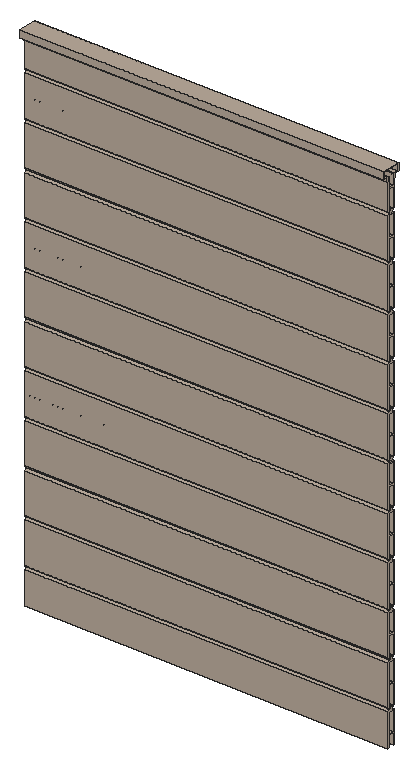
Revit family "Palmshield-Mercury-Solid-Aluminum-Panel", category Specialty Equipment, Revit 2026
Family settings
  Round Connector Dimension = Use Diameter
  Part Type = Normal
  Classification Number = 23.55.00.00
  Work Plane-Based = No
  Enable Cutting in Views = No
  Always vertical = No
  Cut with Voids When Loaded = No
  Maintain Annotation Orientation = No
  Shared = No
  Room Calculation Point = No
Parameters (values of type "Assembly")
  Width [instance] = if(Desired Overall Width < C Min Width, C Min Width, if(Desired Overall Width > C Max Width, C Max Width, Desired Overall Width))  # 4' - 0"
  Warranty URL = "https://palmshieldlouvers.com/wp-content/uploads/2020/01/PalmSHIELD-Warranty-NO-SIGN-LINE.pdf"
  Version = "2020 - v1.0a"  # constant formula
  URL = "https://palmshieldlouvers.com/"
  Product Page URL = "https://palmshieldlouvers.com/products/mercury-eco-solid/"
  Product Documentation Link = "https://palmshieldlouvers.com/wp-content/uploads/2022/01/PalmSHIELD-Mercury-Solid-Composite-Infill-Architectural-Screening-Specifications.doc"
  Offset From Surface = 0' - 2"  # constant formula
  Model = "Mercury Economic Solid - Aluminum"  # constant formula
  Material = Metal - PalmSHIELD - Dusty Grey
  Manufacturer Phone Number = "531-329-4406 "  # constant formula
  Manufacturer Email = "mailto: info@palmshieldlouvers.com"
  Manufacturer Address = "12330 Cary Circle, La Vista, NE 68128"  # constant formula
  Manufacturer = "PalmSHIELD"  # constant formula
  Louver Finish = Metal - PalmSHIELD - Grey Beige
  Keynote = "05 10 00"
  Instruction Sheet Link = "https://palmshieldlouvers.com/wp-content/uploads/2020/02/PalmSHIELD-Element-Screening-Installation-Instructions.pdf"
  ID [instance] = "Not Assigned"
  Height [instance] = if(Desired Overall Height < C Min Height, C Min Height, if(Desired Overall Height > C Max Height, C Max Height, Desired Overall Height))  # 6' - 0"
  Desired Overall Width [instance] = 4' - 0"
  Desired Overall Height [instance] = 6' - 0"
  Desired Bottom Angle [instance] = 0.00°
  Description = "Mercury Economic Solid - Aluminum - Panel Assembly"  # constant formula
  Default Elevation = 0' - 0"
  Copyright = "Copyright ©2024 The American Fence Company and PalmSHIELD. All Rights Reserved."  # constant formula
  Component Vis [instance] = yes
  Component Name [instance] = "Mercury Economic Solid - Aluminum - Panel Assembly"  # constant formula
  C Min Width [instance] = 4' - 0"  # constant formula
  C Min Height [instance] = C Min Width  # 4' - 0"
  C Max Width [instance] = 6' - 0"  # constant formula
  C Max Height [instance] = 8' - 0"  # constant formula
  C Angle [instance] = if(Desired Bottom Angle > 10.00°, 10.00°, if(Desired Bottom Angle < -10.00°, -10.00°, Desired Bottom Angle))  # 0.00°
  Assembly Code = "F1020100"
Reference planes (in)
  plane 1 "Center (Front/Back)": y = 0
  plane 2: z = 0
  plane 3 "Center (Left/Right)": x = 0
  plane 4: z = 72
  plane 5: x = 48
  plane 6: y = 3
  plane 7: y = 1.5
Lines and regions (in)
  reference lines
    curve 1: line (48, 0, 96.95698) -> (48, 0, -11)
    curve 2: line (-20.8931, 0, 72) -> (71.1069, 0, 72)
Dimensions and locks (in)
  "Desired Overall Height": curve 2 to level
  "Desired Overall Width": curve 1 to plane 3 "Center (Left/Right)"
  "Height": plane 4 to level
  "Width": plane 5 to plane 3 "Center (Left/Right)"
  equal spacing: plane 1 "Center (Front/Back)", plane 7, plane 6
  aligned and locked: plane 2 to level
Automatic sketch dimensions
  curve 2 to plane 3 "Center (Left/Right)" = 1' - 8.8931"
  plane 5 to curve 2 = 1' - 11.1069"
  curve 1 to level = 0' - 11"
  plane 4 to curve 1 = 2' - 0.95698"
Nested families (in)
  nested 1: "Screening-Louver-Assembly-Panel-Palmshield-Mercury_Economic-Solid-Aluminum" at (0, -1.25, 0), Desired Overall Height <- "Desired Overall Height", Desired Overall Width <- "Desired Overall Width", ID <- "ID", Component Vis <- "Component Vis", type "Assembly"
    with Width 4' - 0", Louver Length 4' - 1", ID "Not Assigned", Height 6' - 0", Desired Overall Width 4' - 0", Desired Overall Height 6' - 0", Component Vis yes, Component Name "Mercury Economic Solid - Panel Assembly - Aluminum", C Top Post Length 4' - 0", C Straight Corner Angle 45.00°, C Slope Angle 0.00°, C Side Frame Width 0' - 0 7/8", C Side Adjustment 0' - 0", C Rib Thickness Bottom Offset 0' - 0", C Rib Bottom Side Offset 0' - 0", C Louver Prelim Length 5' - 0", C Louver Offset 0' - 0 1/8", C Louver Count Prelim 10, C Hip 4' - 0", C Frame Offset 0' - 0 3/8", C Desired Bottom Angle 0.00°, C Bottom Piece Cut 0' - 2 3/8", C Bottom Cut In Place Vis yes, C Bottom Cut Height Real 0' - 4 5/8", C Bottom Cut Height 0' - 4 5/8", C B-Side Post Length 6' - 0", C B-Side Angle 45.00°, C Angle 90.00°, C A-Side Post Length 6' - 0", C A-Side Angle 45.00°
  nested 2: "Nested-Louvers-Palmshield-Mercury_Economic-Solid-Aluminum" at (-0.5, 0, 6.625) x (0, 1, 0) z (1, 0, 0), type "6063 T6 ALUM 6" TONGUE AND GROOVE INFILL"
    with Material Metal - PalmSHIELD - Grey Beige, Length 4' - 1", ID "Not Assigned", Field Cut no, Desired Cut Distance 0' - 1 3/4", Component Name "Mercury Economic Solid - Aluminum - Louvers", C Cut Distance 0' - 0 3/4"
  nested 3: "Nested-Louvers-Palmshield-Mercury_Economic-Solid-Aluminum" at (-0.5, 0, 36.625) x (0, 1, 0) z (1, 0, 0), type "6063 T6 ALUM 6" TONGUE AND GROOVE INFILL"
    with Material Metal - PalmSHIELD - Grey Beige, Length 4' - 1", ID "Not Assigned", Field Cut no, Desired Cut Distance 0' - 1 3/4", Component Name "Mercury Economic Solid - Aluminum - Louvers", C Cut Distance 0' - 0 3/4"
  nested 4: "Nested-Louvers-Palmshield-Mercury_Economic-Solid-Aluminum" at (-0.5, 0, 42.625) x (0, 1, 0) z (1, 0, 0), type "6063 T6 ALUM 6" TONGUE AND GROOVE INFILL"
    with Material Metal - PalmSHIELD - Grey Beige, Length 4' - 1", ID "Not Assigned", Field Cut no, Desired Cut Distance 0' - 1 3/4", Component Name "Mercury Economic Solid - Aluminum - Louvers", C Cut Distance 0' - 0 3/4"
  nested 5: "Nested-Louvers-Palmshield-Mercury_Economic-Solid-Aluminum" at (-0.5, 0, 48.625) x (0, 1, 0) z (1, 0, 0), type "6063 T6 ALUM 6" TONGUE AND GROOVE INFILL"
    with Material Metal - PalmSHIELD - Grey Beige, Length 4' - 1", ID "Not Assigned", Field Cut no, Desired Cut Distance 0' - 1 3/4", Component Name "Mercury Economic Solid - Aluminum - Louvers", C Cut Distance 0' - 0 3/4"
  nested 6: "Nested-Louvers-Palmshield-Mercury_Economic-Solid-Aluminum" at (-0.5, 0, 54.625) x (0, 1, 0) z (1, 0, 0), type "6063 T6 ALUM 6" TONGUE AND GROOVE INFILL"
    with Material Metal - PalmSHIELD - Grey Beige, Length 4' - 1", ID "Not Assigned", Field Cut no, Desired Cut Distance 0' - 1 3/4", Component Name "Mercury Economic Solid - Aluminum - Louvers", C Cut Distance 0' - 0 3/4"
  nested 7: "Nested-Louvers-Palmshield-Mercury_Economic-Solid-Aluminum" at (-0.5, 0, 60.625) x (0, 1, 0) z (1, 0, 0), type "6063 T6 ALUM 6" TONGUE AND GROOVE INFILL"
    with Material Metal - PalmSHIELD - Grey Beige, Length 4' - 1", ID "Not Assigned", Field Cut no, Desired Cut Distance 0' - 1 3/4", Component Name "Mercury Economic Solid - Aluminum - Louvers", C Cut Distance 0' - 0 3/4"
  nested 8: "Nested-U_Channel-Palmshield-Mercury_Economic-Solid-Aluminum" at (-0.5, 0, 72) x (0, 1, 0) z (1, 0, 0), type "6063 T6 ALUM 3" X 2" GATE FRAME U CHANNEL"
    with Material Metal - PalmSHIELD - Grey Beige, Length 4' - 1", ID "Not Assigned", Component Name "Mercury Economic Solid - Aluminum - U Channel"
  nested 9: "Nested-Louvers-Palmshield-Mercury_Economic-Solid-Aluminum" at (-0.5, 0, 66.625) x (0, 1, 0) z (1, 0, 0), type "6063 T6 ALUM 6" TONGUE AND GROOVE INFILL"
    with Material Metal - PalmSHIELD - Grey Beige, Length 4' - 1", ID "Not Assigned", Field Cut yes, Desired Cut Distance 0' - 2 5/8", Component Name "Mercury Economic Solid - Aluminum - Louvers", C Cut Distance 0' - 2 5/8"
  nested 10: "Nested-Louvers-Palmshield-Mercury_Economic-Solid-Aluminum" at (-0.5, 0, 6.625) x (0, -1, 0) z (1, 0, 0), type "6063 T6 ALUM 6" TONGUE AND GROOVE INFILL"
    with Material Metal - PalmSHIELD - Grey Beige, Length 4' - 1", ID "Not Assigned", Field Cut yes, Desired Cut Distance 0' - 2 3/8", Component Name "Mercury Economic Solid - Aluminum - Louvers", C Cut Distance 0' - 2 3/8"
  nested 11: "Nested-Louvers-Palmshield-Mercury_Economic-Solid-Aluminum" at (-0.5, 0, 12.625) x (0, 1, 0) z (1, 0, 0), type "6063 T6 ALUM 6" TONGUE AND GROOVE INFILL"
    with Material Metal - PalmSHIELD - Grey Beige, Length 4' - 1", ID "Not Assigned", Field Cut no, Desired Cut Distance 0' - 1 3/4", Component Name "Mercury Economic Solid - Aluminum - Louvers", C Cut Distance 0' - 0 3/4"
  nested 12: "Nested-Louvers-Palmshield-Mercury_Economic-Solid-Aluminum" at (-0.5, 0, 18.625) x (0, 1, 0) z (1, 0, 0), type "6063 T6 ALUM 6" TONGUE AND GROOVE INFILL"
    with Material Metal - PalmSHIELD - Grey Beige, Length 4' - 1", ID "Not Assigned", Field Cut no, Desired Cut Distance 0' - 1 3/4", Component Name "Mercury Economic Solid - Aluminum - Louvers", C Cut Distance 0' - 0 3/4"
  nested 13: "Nested-Louvers-Palmshield-Mercury_Economic-Solid-Aluminum" at (-0.5, 0, 24.625) x (0, 1, 0) z (1, 0, 0), type "6063 T6 ALUM 6" TONGUE AND GROOVE INFILL"
    with Material Metal - PalmSHIELD - Grey Beige, Length 4' - 1", ID "Not Assigned", Field Cut no, Desired Cut Distance 0' - 1 3/4", Component Name "Mercury Economic Solid - Aluminum - Louvers", C Cut Distance 0' - 0 3/4"
  nested 14: "Nested-Louvers-Palmshield-Mercury_Economic-Solid-Aluminum" at (-0.5, 0, 30.625) x (0, 1, 0) z (1, 0, 0), type "6063 T6 ALUM 6" TONGUE AND GROOVE INFILL"
    with Material Metal - PalmSHIELD - Grey Beige, Length 4' - 1", ID "Not Assigned", Field Cut no, Desired Cut Distance 0' - 1 3/4", Component Name "Mercury Economic Solid - Aluminum - Louvers", C Cut Distance 0' - 0 3/4"
Definition of nested family "Nested-Louvers-Palmshield-Mercury_Economic-Solid-Aluminum"
  Parameters (values of type "6063 T6 ALUM 6" TONGUE AND GROOVE INFILL")
    Width = 0' - 6"  # constant formula
    Warranty URL = "https://palmshieldlouvers.com/wp-content/uploads/2020/01/PalmSHIELD-Warranty-NO-SIGN-LINE.pdf"
    Version = "2020 - v1.0a"  # constant formula
    URL = "https://palmshieldlouvers.com/"
    Thickness = 0' - 0 15/16"  # constant formula
    Product Page URL = "Contact Manufacturer for More Information"
    Product Documentation Link = "Contact Manufacturer for More Information"
    Model = "Mercury Economic Solid"  # constant formula
    Material [instance] = none
    Manufacturer Phone Number = "531-329-4406 "  # constant formula
    Manufacturer Fax Number = "Consult Manufacturer Website for More Information"  # constant formula
    Manufacturer Email = "mailto: info@palmshieldlouvers.com"
    Manufacturer Address = "12330 Cary Circle, La Vista, NE 68128"  # constant formula
    Manufacturer = "PalmSHIELD"  # constant formula
    Length [instance] = 4' - 4.86713"
    Keynote = "05 10 00"
    Instruction Sheet Link = "Contact Manufacturer for More Information"
    ID [instance] = ""
    Field Cut [instance] = no
    Desired Cut Distance [instance] = 0' - 1 3/4"
    Description = "Mercury Economic Solid - Louvers"  # constant formula
    Default Elevation = 4' - 0"
    Copyright = "Copyright ©2024 The American Fence Company and PalmSHIELD. All Rights Reserved."  # constant formula
    Component Name [instance] = "Mercury Economic Solid - Aluminum - Louvers"  # constant formula
    C Cut Distance [instance] = if(not(Field Cut), 0' 0 3/4", if(Field Cut, (if(Desired Cut Distance < 0' 0 3/4", 0' 0 3/4", if(Desired Cut Distance > 0' 6 3/4", 0' 6 3/4", Desired Cut Distance))), 0' 0 3/4"))  # 0' - 0 3/4"
    Assembly Code = "F1020100"
  Reference planes (in)
    plane 1 "Center (Front/Back)": y = 0
    plane 2: z = 0
    plane 3 "Center (Left/Right)": x = 0
    plane 4: z = 52.86713
    plane 5: y = 6
    plane 6: y = 7
  Forms (in)
    Extrusion 1, solid
      sketch origin (0, 0, 0) x (1, 0, 0) y (0, 1, 0)
        loop
          line (-48, 48) -> (-48, -48) -> (48, -48) -> (48, 48) -> (-48, 48)
      from 0 to -12
    Sweep 2, solid, material <- "Material", detail levels medium+fine
      path origin (0, 0, 0) x (0, 1, 0) y (0, 0, 1)
        loop
          line (0, 0) -> (0, 52.86713)
      profile "Profile-Palmshield-Louver : 6063 T6 ALUM 6" TONGUE AND GROOVE INFILL" origin (0, 0, 26.43357) x (0, -1, 0) y (1, 0, 0)
        loop
          line (-3.03125, -0.4065) -> (-3.03125, 0.4065) -> (-5.72411, 0.4065) -> (-5.9375, 0.19311) -> (-5.9375, 0.0625) -> (-5.6875, 0.0625) -> (-5.6875, -0.1875) -> (-5.94311, -0.1875) -> (-5.72411, -0.4065) -> (-3.03125, -0.4065)
        loop
          line (-0.27589, -0.4065) -> (-0.0625, -0.19311) -> (-0.0625, -0.0625) -> (-0.3125, -0.0625) -> (-0.3125, 0.1875) -> (-0.05689, 0.1875) -> (-0.27589, 0.4065) -> (-2.96875, 0.4065) -> (-2.96875, -0.4065) -> (-0.27589, -0.4065)
        loop
          line (0.25, 0) -> (-0.25, 0) -> (-0.25, 0.125) -> (0, 0.125) -> (0, 0.219) -> (-0.25, 0.469) -> (-5.75, 0.469) -> (-6, 0.219) -> (-6, 0.125) -> (-6.25, 0.125) -> (-6.25, 0) -> (-5.75, 0) -> (-5.75, -0.125) -> (-6, -0.125) -> (-6, -0.219) -> (-5.75, -0.469) -> (-0.25, -0.469) -> (0, -0.219) -> (0, -0.125) -> (0.25, -0.125) -> (0.25, 0)
    Extrusion 3, solid, material <- "Material", detail levels coarse
      sketch origin (0, 0, 0) x (1, 0, 0) y (0, 1, 0)
        loop
          line (0.469, 5.75) -> (0.219, 6) -> (0.125, 6) -> (0.125, 6.25) -> (0, 6.25) -> (0, 5.75) -> (-0.125, 5.75) -> (-0.125, 6) -> (-0.219, 6) -> (-0.469, 5.75) -> (-0.469, 0.25) -> (-0.219, 0) -> (-0.125, 0) -> (-0.125, -0.25) -> (0, -0.25) -> (0, 0.25) -> (0.125, 0.25) -> (0.125, 0) -> (0.219, 0) -> (0.469, 0.25) -> (0.469, 5.75)
      from 0 to 52.86713
    Extrusion 4, void
      sketch origin (0, 0, 0) x (1, 0, 0) y (0, 1, 0)
        loop
          line (-1.43237, 7) -> (-1.43237, 6.25) -> (1.56763, 6.25) -> (1.56763, 7) -> (-1.43237, 7)
      from 0 to 52.86713
  Cuts and joins
    Extrusion 4 cuts Extrusion 3
    Extrusion 4 cuts Sweep 2
  Lines and regions (in)
    reference lines
      curve 1: line (-3.17501, 5.25, 0) -> (4.57499, 5.25, 0)
  Dimensions and locks (in)
    "Length": plane 4 to plane 2
    Extrusion 3 to Extrusion 3 = 0' - 0.938"
    Extrusion 3 to plane 1 "Center (Front/Back)" = 0' - 6"
    "Width": plane 1 "Center (Front/Back)" to plane 5
    locked: plane 5 to plane 6 at 1
    "C Cut Distance": plane 6 to Extrusion 4 sketch curve
    "Desired Cut Distance": plane 6 to curve 1
    aligned and locked: plane 2 to Extrusion 1
    aligned and locked: level to Extrusion 1
    aligned and locked: plane 1 "Center (Front/Back)" to Sweep 2 sketch curve
    aligned and locked: plane 4 to Sweep 2 sketch curve
    aligned and locked: plane 4 to Extrusion 3
    aligned and locked: Extrusion 4 sketch curve to plane 6
    aligned and locked: plane 4 to cut or joined group of Extrusion 3, Extrusion 4
  Automatic sketch dimensions
    Extrusion 1 sketch curve to Extrusion 1 sketch curve = 8' - 0"  (x2)
    Sweep 2 sketch curve to level = 0' - 0"
    plane 1 "Center (Front/Back)" to Extrusion 3 sketch curve = 0' - 0"  (x2)
    Extrusion 3 sketch curve to plane 3 "Center (Left/Right)" = 0' - 0"  (x2)
    Extrusion 3 sketch curve to Extrusion 3 sketch curve = 0' - 0 1/8"
    Extrusion 3 sketch curve to plane 3 "Center (Left/Right)" = 0' - 0 1/8"
    Extrusion 3 sketch curve to Extrusion 3 sketch curve = 0' - 0.094"  (x4)
    Extrusion 3 sketch curve to Extrusion 3 sketch curve = 0' - 0.344"
    plane 3 "Center (Left/Right)" to Extrusion 3 sketch curve = 0' - 0 1/8"  (x2)
    Extrusion 3 sketch curve to Extrusion 3 sketch curve = 0' - 0 1/4"  (x4)
    plane 1 "Center (Front/Back)" to Extrusion 3 sketch curve = 0' - 0 1/4"
    Extrusion 3 sketch curve to plane 1 "Center (Front/Back)" = 0' - 0 1/4"  (x3)
    Extrusion 3 sketch curve to Extrusion 3 sketch curve = 0' - 5 1/2"
    Extrusion 3 sketch curve to Extrusion 3 sketch curve = 0' - 0"  (x2)
    curve 1 to plane 3 "Center (Left/Right)" = 0' - 3.17501"
    plane 3 "Center (Left/Right)" to curve 1 = 0' - 4.57499"
    Extrusion 4 sketch curve to plane 3 "Center (Left/Right)" = 0' - 1.43237"
    plane 3 "Center (Left/Right)" to Extrusion 4 sketch curve = 0' - 1.56763"
Definition of nested family "Nested-U_Channel-Palmshield-Mercury_Economic-Solid-Aluminum"
  Parameters (values of type "6063 T6 ALUM 3" X 2" GATE FRAME U CHANNEL")
    Width = 0' - 3"  # constant formula
    Warranty URL = "https://palmshieldlouvers.com/wp-content/uploads/2020/01/PalmSHIELD-Warranty-NO-SIGN-LINE.pdf"
    Version = "2020 - v1.0a"  # constant formula
    URL = "https://palmshieldlouvers.com/"
    Thickness = 0' - 2"  # constant formula
    Product Page URL = "Contact Manufacturer for More Information"
    Product Documentation Link = "Contact Manufacturer for More Information"
    Model = "Mercury Economic Solid"  # constant formula
    Material [instance] = none
    Manufacturer Phone Number = "531-329-4406 "  # constant formula
    Manufacturer Fax Number = "Consult Manufacturer Website for More Information"  # constant formula
    Manufacturer Email = "mailto: info@palmshieldlouvers.com"
    Manufacturer Address = "12330 Cary Circle, La Vista, NE 68128"  # constant formula
    Manufacturer = "PalmSHIELD"  # constant formula
    Length [instance] = 4' - 4.86713"
    Keynote = "05 10 00"
    Instruction Sheet Link = "Contact Manufacturer for More Information"
    ID [instance] = ""
    Description = "Mercury Economic Solid - U Channel"  # constant formula
    Default Elevation = 4' - 0"
    Copyright = "Copyright ©2024 The American Fence Company and PalmSHIELD. All Rights Reserved."  # constant formula
    Component Name [instance] = "Mercury Economic Solid - Aluminum - U Channel"  # constant formula
    Assembly Code = "F1020100"
  Reference planes (in)
    plane 1 "Center (Front/Back)": y = 0
    plane 2: z = 0
    plane 3 "Center (Left/Right)": x = 0
    plane 4: z = 52.86713
  Forms (in)
    Extrusion 1, solid
      sketch origin (0, 0, 0) x (1, 0, 0) y (0, 1, 0)
        loop
          line (-48, 48) -> (-48, -48) -> (48, -48) -> (48, 48) -> (-48, 48)
      from 0 to -12
    Extrusion 2, solid, material <- "Material"
      sketch origin (0, 0, 0) x (1, 0, 0) y (0, 1, 0)
        loop
          line (-1.25, 0) -> (-1.25, -1) -> (-0.625, -1) -> (-0.625, -1.5) -> (-0.5625, -1.5) -> (-0.5625, -0.9375) -> (-1.1875, -0.9375) -> (-1.1875, -0.0625) -> (1.1875, -0.0625) -> (1.1875, -0.9375) -> (0.5625, -0.9375) -> (0.5625, -1.5) -> (0.625, -1.5) -> (0.625, -1) -> (1.25, -1) -> (1.25, 0) -> (-1.25, 0)
      from 0 to 52.86713
  Dimensions and locks (in)
    "Length": plane 4 to plane 2
    aligned and locked: plane 2 to Extrusion 1
    aligned and locked: level to Extrusion 1
    aligned and locked: plane 4 to Extrusion 2
  Automatic sketch dimensions
    Extrusion 1 sketch curve to Extrusion 1 sketch curve = 8' - 0"  (x2)
    Extrusion 2 sketch curve to Extrusion 2 sketch curve = 0' - 0 5/8"  (x2)
    Extrusion 2 sketch curve to Extrusion 2 sketch curve = 0' - 1 1/4"
    plane 1 "Center (Front/Back)" to Extrusion 2 sketch curve = 0' - 0"
    Extrusion 2 sketch curve to Extrusion 2 sketch curve = 0' - 1"  (x2)
    Extrusion 2 sketch curve to Extrusion 2 sketch curve = 0' - 0 1/2"  (x2)
    Extrusion 2 sketch curve to Extrusion 2 sketch curve = 0' - 0 1/16"  (x7)
    Extrusion 2 sketch curve to plane 3 "Center (Left/Right)" = 0' - 1 1/4"
Definition of nested family "Screening-Louver-Assembly-Panel-Palmshield-Mercury_Economic-Solid-Aluminum"
  Parameters (values of type "Assembly")
    Width [instance] = if(Desired Overall Width < 4' 0", 4' 0", if(Desired Overall Width > 6' 0", 6' 0", Desired Overall Width))  # 4' - 0"
    Warranty URL = "https://palmshieldlouvers.com/wp-content/uploads/2020/01/PalmSHIELD-Warranty-NO-SIGN-LINE.pdf"
    Version = "2020 - v1.0a"  # constant formula
    URL = "https://palmshieldlouvers.com/"
    Offset From Surface = 0' - 3 1/2"  # constant formula
    Material = none
    Louver Separation = 0' - 0"  # constant formula
    Product Page URL = "https://palmshieldlouvers.com/products/augustus-solid/"
    Product Documentation Link = "https://palmshieldlouvers.com/wp-content/uploads/2020/05/PalmSHIELD-Solid-Composite-Technical-Data-Sheet.pdf"
    Model = "Mercury Economic Solid"  # constant formula
    Manufacturer Phone Number = "531-329-4406 "  # constant formula
    Manufacturer Fax Number = "Consult Manufacturer Website for More Information"  # constant formula
    Manufacturer Email = "mailto: info@palmshieldlouvers.com"
    Manufacturer Address = "12330 Cary Circle, La Vista, NE 68128"  # constant formula
    Manufacturer = "PalmSHIELD"  # constant formula
    Louver Length [instance] = Width + 2 * C Frame Overlap  # 4' - 1"
    Keynote = "05 10 00"
    Instruction Sheet Link = "https://palmshieldlouvers.com/wp-content/uploads/2020/01/PalmSHIELD-Post-Panel-Gate-Installation-Instructions-REV-1.pdf"
    ID [instance] = "Not Assigned"
    Height [instance] = if(Desired Overall Height < 3' 0", 3' 0", if(Desired Overall Height > 8' 0", 8' 0", Desired Overall Height))  # 6' - 7 3/16"
    Desired Overall Width [instance] = 4' - 0"
    Desired Overall Height [instance] = 6' - 7 3/16"
    Description = "Mercury Economic Solid - Panel Assembly"  # constant formula
    Default Elevation = 0' - 0"
    Copyright = "Copyright ©2024 The American Fence Company and PalmSHIELD. All Rights Reserved."  # constant formula
    Component Vis [instance] = yes
    Component Name [instance] = "Mercury Economic Solid - Panel Assembly - Aluminum"  # constant formula
    C Top Post Length [instance] = Width  # 4' - 0"
    C Top Offset = 0' - 6 1/2"  # constant formula
    C Top Frame Offset = 0' - 1"  # constant formula
    C Top Cut in Place Height = 0' - 4 3/8"  # constant formula
    C Straight Corner Angle [instance] = 45.00°  # constant formula
    C Slope Angle [instance] = if(C Desired Bottom Angle < -25.00°, 25.00°, if(C Desired Bottom Angle > 25.00°, 25.00°, C Desired Bottom Angle))  # 0.00°
    C Side Frame Width [instance] = 0' - 0 7/8"  # constant formula
    C Rib Thickness Bottom Offset [instance] = 0' - 0"  # constant formula
    C Rib Bottom Side Offset [instance] = if(C Slope Angle < 0.00°, -C Frame Thickness * sin(C Slope Angle), C Frame Thickness * sin(C Slope Angle))  # 0' - 0"
    C Louver Prelim Length [instance] = C Louver Count Prelim * C Louver Height  # 5' - 6"
    C Louver Overlap = 0' - 1 13/16"  # constant formula
    C Louver Offset [instance] = 0' - 0 1/8"  # constant formula
    C Louver Height = 0' - 6"  # constant formula
    C Louver Count Prelim [instance] = rounddown((Height - 0' 0 3/4" - C Bottom Offset - C Top Frame Offset - C Top Frame Offset - C Top Cut in Place Height) / C Louver Height)  # 11
    C Hip [instance] = Width / cos(C Slope Angle)  # 4' - 0"
    C Side Adjustment [instance] = -C Hip * sin(C Slope Angle)  # 0' - 0"
    C Frame Width = 0' - 2 1/2"  # constant formula
    C Frame Thickness = 0' - 0 1/8"  # constant formula
    C Frame Overlap = 0' - 0 1/2"  # constant formula
    C Frame Offset [instance] = C Side Frame Width - 0' 0 1/2"  # 0' - 0 3/8"
    C Desired Bottom Angle [instance] = 0.00°  # constant formula
    C Bottom Piece Cut [instance] = (C Louver Height - C Bottom Cut Height + 0' 1")  # 0' - 1 3/16"
    C Bottom Offset = 0' - 2"  # constant formula
    C Bottom Cut In Place Vis [instance] = if(and(or(C Bottom Cut Height Real > 0' 0 3/4", C Bottom Cut Height Real = 0' 0 3/4"), Component Vis), 1 = 1, 1 = 0)  # yes
    C Bottom Cut Height Real [instance] = Height - C Louver Prelim Length - C Top Frame Offset - C Top Cut in Place Height - C Bottom Offset  # 0' - 5 13/16"
    C Bottom Cut Height [instance] = if(C Bottom Cut Height Real < 0' 3" / 4, 0' 0 3/4", C Bottom Cut Height Real)  # 0' - 5 13/16"
    C B-Side Post Length [instance] = Height + C Side Adjustment  # 6' - 7 3/16"
    C B-Side Angle [instance] = (90.00° - C Slope Angle) / 2  # 45.00°
    C Angle [instance] = if(C Slope Angle < -25.00°, 90.00° - 25.00°, if(C Slope Angle > 25.00°, 90.00° + 25.00°, 90.00° - C Slope Angle))  # 90.00°
    C A-Side Post Length [instance] = Height  # 6' - 7 3/16"
    C A-Side Angle [instance] = (90.00° + C Slope Angle) / 2  # 45.00°
    Assembly Code = "F1020100"
  Reference planes (in)
    plane 1: y = 0
    plane 2: z = 0
    plane 3 "Side A": x = 0
    plane 4 "Top": z = 79.1875
    plane 5 "Side B": x = 48
    plane 6: y = 2.5
    plane 7: z = 79.1875
    plane 8: x = 0
    plane 9: x = -0.5
    plane 10 "Center (Front/Back)": y = 1.25
    plane 11: x = 24
    plane 12: z = 2
    plane 13: z = 67.8125
    plane 14: z = 78.1875
    plane 15: z = 7.8125
    plane 16: z = 2
    plane 17: z = 73.8125
    plane 18: z = 2
  Forms (in)
    Extrusion 1, solid
      sketch origin (0, 0, 0) x (1, 0, 0) y (0, 1, 0)
        loop
          line (-48, 48) -> (-48, -48) -> (48, -48) -> (48, 48) -> (-48, 48)
      from 0 to -12
  Lines and regions (in)
    reference lines
      curve 1: line (0, 0, 2.14604) -> (84, 0, 2.14604)
      curve 2: line (15.625, 0, 2.14604) -> (26.375, 0, 2.14604)
      curve 3: line (31.625, 0, 2.14604) -> (41.625, 0, 2.14604)
      curve 4: line (-27.54474, 0, 79.1875) -> (87.34612, 0, 79.1875)
      curve 5: line (48, 0, 2.14604) -> (53.25, 0, 2.14604)
      curve 6: line (48, 0, 98.60177) -> (48, 0, -22.08573)
  Dimensions and locks (in)
    "Width": plane 5 "Side B" to plane 3 "Side A"
    plane 3 "Side A" to plane 5 "Side B" = 4' - 0"
    plane 4 "Top" to plane 7 = 0' - 0"
    "C Rib Bottom Side Offset": plane 3 "Side A" to plane 8
    equal spacing: plane 1, plane 10 "Center (Front/Back)", plane 6
    equal spacing: plane 3 "Side A", plane 11, plane 5 "Side B"
    "C Frame Overlap": plane 3 "Side A" to plane 9
    "C Bottom Offset": plane 12 to plane 2
    "Desired Overall Width": curve 6 to plane 3 "Side A"
    "C Frame Width": plane 6 to plane 1
    "C Top Frame Offset": plane 7 to plane 14
    "C Bottom Cut Height Real": plane 16 to plane 15
    "C Top Cut in Place Height": plane 14 to plane 17
    "C Louver Height": plane 17 to plane 13
    "C Bottom Cut Height": plane 15 to plane 18
    equal spacing: group 1, group 2, group 3, group 4, group 5, group 6, group 7, group 8, group 9, group 10, group 11  (x2)
    equal spacing: group 11, group 10, group 9, group 8, group 7, group 6, group 5, group 4, group 3, group 2, group 1
    "Desired Overall Height": curve 4 to plane 2
    "Height": plane 4 "Top" to plane 2
    locked: plane 18 to level at 2
    "C Angle": angle curve 1 to plane 3 "Side A"
    locked: curve 5 to plane 5 "Side B" (angle 90.00°)
    aligned and locked: plane 2 to Extrusion 1
    aligned and locked: level to Extrusion 1
    aligned and locked: plane 3 "Side A" to curve 1
    aligned and locked: plane 9 to nested 1
    aligned and locked: plane 10 "Center (Front/Back)" to nested 1
    aligned and locked: nested 2 to plane 7
    aligned and locked: plane 10 "Center (Front/Back)" to nested 2
    aligned and locked: plane 10 "Center (Front/Back)" to nested 3
    aligned and locked: nested 4 to plane 10 "Center (Front/Back)"
    aligned and locked: nested 3 to plane 17
    aligned and locked: plane 17 to nested 1
    aligned and locked: nested 1 to plane 9
    aligned and locked: nested 5 to plane 9
    aligned and locked: plane 10 "Center (Front/Back)" to nested 5
    aligned and locked: nested 5 to nested 1
    aligned and locked: nested 4 to plane 15
  Automatic sketch dimensions
    Extrusion 1 sketch curve to Extrusion 1 sketch curve = 8' - 0"  (x2)
    curve 5 to plane 5 "Side B" = 0' - 0"
    curve 4 to plane 9 = 2' - 3.04474"
    curve 2 to plane 12 = 0' - 0.14604"
    curve 2 to plane 11 = 0' - 8 3/8"
    plane 11 to curve 2 = 0' - 2 3/8"
    curve 3 to plane 12 = 0' - 0.14604"
    curve 2 to curve 3 = 0' - 5 1/4"
    curve 3 to curve 5 = 0' - 6 3/8"
    plane 5 "Side B" to curve 4 = 3' - 3.34612"
    curve 5 to plane 12 = 0' - 0.14604"
    curve 6 to level = 1' - 10.08573"
    plane 4 "Top" to curve 6 = 1' - 7.41427"
  Nested families (in)
    nested 1: "Nested-Louvers-Palmshield-Mercury_Economic-Solid-Aluminum" at (-0.5, 1.25, 67.8125) x (0, 1, 0) z (1, 0, 0), Length <- "Louver Length", ID <- "ID", Material <- "Material", visible <- "Component Vis", type "6063 T6 ALUM 6" TONGUE AND GROOVE INFILL"
      with Material none, Length 4' - 1", ID "Not Assigned", Field Cut no, Desired Cut Distance 0' - 1 3/4", Component Name "Mercury Economic Solid - Aluminum - Louvers", C Cut Distance 0' - 0 3/4"
    nested 2: "Nested-U_Channel-Palmshield-Mercury_Economic-Solid-Aluminum" at (-0.5, 1.25, 79.1875) x (0, 1, 0) z (1, 0, 0), Length <- "Louver Length", ID <- "ID", Material <- "Material", visible <- "Component Vis", type "6063 T6 ALUM 3" X 2" GATE FRAME U CHANNEL"
      with Material none, Length 4' - 1", ID "Not Assigned", Component Name "Mercury Economic Solid - Aluminum - U Channel"
    nested 3: "Nested-Louvers-Palmshield-Mercury_Economic-Solid-Aluminum" at (-0.5, 1.25, 73.8125) x (0, 1, 0) z (1, 0, 0), Length <- "Louver Length", ID <- "ID", Material <- "Material", visible <- "Component Vis", type "6063 T6 ALUM 6" TONGUE AND GROOVE INFILL"
      with Material none, Length 4' - 1", ID "Not Assigned", Field Cut yes, Desired Cut Distance 0' - 2 5/8", Component Name "Mercury Economic Solid - Aluminum - Louvers", C Cut Distance 0' - 2 5/8"
    nested 4: "Nested-Louvers-Palmshield-Mercury_Economic-Solid-Aluminum" at (-0.5, 1.25, 7.8125) x (0, -1, 0) z (1, 0, 0), Length <- "Louver Length", ID <- "ID", Material <- "Material", visible <- "C Bottom Cut In Place Vis", Desired Cut Distance <- "C Bottom Piece Cut", type "6063 T6 ALUM 6" TONGUE AND GROOVE INFILL"
      with Material none, Length 4' - 1", ID "Not Assigned", Field Cut yes, Desired Cut Distance 0' - 1 3/16", Component Name "Mercury Economic Solid - Aluminum - Louvers", C Cut Distance 0' - 1 3/16"
    nested 5: "Nested-Louvers-Palmshield-Mercury_Economic-Solid-Aluminum" at (-0.5, 1.25, 61.8125) x (0, 1, 0) z (1, 0, 0), Length <- "Louver Length", ID <- "ID", Material <- "Material", visible <- "Component Vis", type "6063 T6 ALUM 6" TONGUE AND GROOVE INFILL"
      with Material none, Length 4' - 1", ID "Not Assigned", Field Cut no, Desired Cut Distance 0' - 1 3/4", Component Name "Mercury Economic Solid - Aluminum - Louvers", C Cut Distance 0' - 0 3/4"
    nested 6: "Nested-Louvers-Palmshield-Mercury_Economic-Solid-Aluminum" at (-0.5, 1.25, 55.8125) x (0, 1, 0) z (1, 0, 0), Length <- "Louver Length", ID <- "ID", Material <- "Material", visible <- "Component Vis", type "6063 T6 ALUM 6" TONGUE AND GROOVE INFILL"
      with Material none, Length 4' - 1", ID "Not Assigned", Field Cut no, Desired Cut Distance 0' - 1 3/4", Component Name "Mercury Economic Solid - Aluminum - Louvers", C Cut Distance 0' - 0 3/4"
    nested 7: "Nested-Louvers-Palmshield-Mercury_Economic-Solid-Aluminum" at (-0.5, 1.25, 49.8125) x (0, 1, 0) z (1, 0, 0), Length <- "Louver Length", ID <- "ID", Material <- "Material", visible <- "Component Vis", type "6063 T6 ALUM 6" TONGUE AND GROOVE INFILL"
      with Material none, Length 4' - 1", ID "Not Assigned", Field Cut no, Desired Cut Distance 0' - 1 3/4", Component Name "Mercury Economic Solid - Aluminum - Louvers", C Cut Distance 0' - 0 3/4"
    nested 8: "Nested-Louvers-Palmshield-Mercury_Economic-Solid-Aluminum" at (-0.5, 1.25, 43.8125) x (0, 1, 0) z (1, 0, 0), Length <- "Louver Length", ID <- "ID", Material <- "Material", visible <- "Component Vis", type "6063 T6 ALUM 6" TONGUE AND GROOVE INFILL"
      with Material none, Length 4' - 1", ID "Not Assigned", Field Cut no, Desired Cut Distance 0' - 1 3/4", Component Name "Mercury Economic Solid - Aluminum - Louvers", C Cut Distance 0' - 0 3/4"
    nested 9: "Nested-Louvers-Palmshield-Mercury_Economic-Solid-Aluminum" at (-0.5, 1.25, 37.8125) x (0, 1, 0) z (1, 0, 0), Length <- "Louver Length", ID <- "ID", Material <- "Material", visible <- "Component Vis", type "6063 T6 ALUM 6" TONGUE AND GROOVE INFILL"
      with Material none, Length 4' - 1", ID "Not Assigned", Field Cut no, Desired Cut Distance 0' - 1 3/4", Component Name "Mercury Economic Solid - Aluminum - Louvers", C Cut Distance 0' - 0 3/4"
    nested 10: "Nested-Louvers-Palmshield-Mercury_Economic-Solid-Aluminum" at (-0.5, 1.25, 31.8125) x (0, 1, 0) z (1, 0, 0), Length <- "Louver Length", ID <- "ID", Material <- "Material", visible <- "Component Vis", type "6063 T6 ALUM 6" TONGUE AND GROOVE INFILL"
      with Material none, Length 4' - 1", ID "Not Assigned", Field Cut no, Desired Cut Distance 0' - 1 3/4", Component Name "Mercury Economic Solid - Aluminum - Louvers", C Cut Distance 0' - 0 3/4"
    nested 11: "Nested-Louvers-Palmshield-Mercury_Economic-Solid-Aluminum" at (-0.5, 1.25, 25.8125) x (0, 1, 0) z (1, 0, 0), Length <- "Louver Length", ID <- "ID", Material <- "Material", visible <- "Component Vis", type "6063 T6 ALUM 6" TONGUE AND GROOVE INFILL"
      with Material none, Length 4' - 1", ID "Not Assigned", Field Cut no, Desired Cut Distance 0' - 1 3/4", Component Name "Mercury Economic Solid - Aluminum - Louvers", C Cut Distance 0' - 0 3/4"
    nested 12: "Nested-Louvers-Palmshield-Mercury_Economic-Solid-Aluminum" at (-0.5, 1.25, 19.8125) x (0, 1, 0) z (1, 0, 0), Length <- "Louver Length", ID <- "ID", Material <- "Material", visible <- "Component Vis", type "6063 T6 ALUM 6" TONGUE AND GROOVE INFILL"
      with Material none, Length 4' - 1", ID "Not Assigned", Field Cut no, Desired Cut Distance 0' - 1 3/4", Component Name "Mercury Economic Solid - Aluminum - Louvers", C Cut Distance 0' - 0 3/4"
    nested 13: "Nested-Louvers-Palmshield-Mercury_Economic-Solid-Aluminum" at (-0.5, 1.25, 13.8125) x (0, 1, 0) z (1, 0, 0), Length <- "Louver Length", ID <- "ID", Material <- "Material", visible <- "Component Vis", type "6063 T6 ALUM 6" TONGUE AND GROOVE INFILL"
      with Material none, Length 4' - 1", ID "Not Assigned", Field Cut no, Desired Cut Distance 0' - 1 3/4", Component Name "Mercury Economic Solid - Aluminum - Louvers", C Cut Distance 0' - 0 3/4"
    nested 14: "Nested-Louvers-Palmshield-Mercury_Economic-Solid-Aluminum" at (-0.5, 1.25, 7.8125) x (0, 1, 0) z (1, 0, 0), Length <- "Louver Length", ID <- "ID", Material <- "Material", visible <- "Component Vis", type "6063 T6 ALUM 6" TONGUE AND GROOVE INFILL"
      with Material none, Length 4' - 1", ID "Not Assigned", Field Cut no, Desired Cut Distance 0' - 1 3/4", Component Name "Mercury Economic Solid - Aluminum - Louvers", C Cut Distance 0' - 0 3/4"
  Definition of nested family "Nested-Louvers-Palmshield-Mercury_Economic-Solid-Aluminum"
    Parameters (values of type "6063 T6 ALUM 6" TONGUE AND GROOVE INFILL")
      Width = 0' - 6"  # constant formula
      Warranty URL = "https://palmshieldlouvers.com/wp-content/uploads/2020/01/PalmSHIELD-Warranty-NO-SIGN-LINE.pdf"
      Version = "2020 - v1.0a"  # constant formula
      URL = "https://palmshieldlouvers.com/"
      Thickness = 0' - 0 15/16"  # constant formula
      Product Page URL = "Contact Manufacturer for More Information"
      Product Documentation Link = "Contact Manufacturer for More Information"
      Model = "Mercury Economic Solid"  # constant formula
      Material [instance] = none
      Manufacturer Phone Number = "531-329-4406 "  # constant formula
      Manufacturer Fax Number = "Consult Manufacturer Website for More Information"  # constant formula
      Manufacturer Email = "mailto: info@palmshieldlouvers.com"
      Manufacturer Address = "12330 Cary Circle, La Vista, NE 68128"  # constant formula
      Manufacturer = "PalmSHIELD"  # constant formula
      Length [instance] = 4' - 4.86713"
      Keynote = "05 10 00"
      Instruction Sheet Link = "Contact Manufacturer for More Information"
      ID [instance] = ""
      Field Cut [instance] = no
      Desired Cut Distance [instance] = 0' - 1 3/4"
      Description = "Mercury Economic Solid - Louvers"  # constant formula
      Default Elevation = 4' - 0"
      Copyright = "Copyright ©2024 The American Fence Company and PalmSHIELD. All Rights Reserved."  # constant formula
      Component Name [instance] = "Mercury Economic Solid - Aluminum - Louvers"  # constant formula
      C Cut Distance [instance] = if(not(Field Cut), 0' 0 3/4", if(Field Cut, (if(Desired Cut Distance < 0' 0 3/4", 0' 0 3/4", if(Desired Cut Distance > 0' 6 3/4", 0' 6 3/4", Desired Cut Distance))), 0' 0 3/4"))  # 0' - 0 3/4"
      Assembly Code = "F1020100"
    Reference planes (in)
      plane 1 "Center (Front/Back)": y = 0
      plane 2: z = 0
      plane 3 "Center (Left/Right)": x = 0
      plane 4: z = 52.86713
      plane 5: y = 6
      plane 6: y = 7
    Forms (in)
      Extrusion 1, solid
        sketch origin (0, 0, 0) x (1, 0, 0) y (0, 1, 0)
          loop
            line (-48, 48) -> (-48, -48) -> (48, -48) -> (48, 48) -> (-48, 48)
        from 0 to -12
      Sweep 2, solid, material <- "Material", detail levels medium+fine
        path origin (0, 0, 0) x (0, 1, 0) y (0, 0, 1)
          loop
            line (0, 0) -> (0, 52.86713)
        profile "Profile-Palmshield-Louver : 6063 T6 ALUM 6" TONGUE AND GROOVE INFILL" origin (0, 0, 26.43357) x (0, -1, 0) y (1, 0, 0)
          loop
            line (-3.03125, -0.4065) -> (-3.03125, 0.4065) -> (-5.72411, 0.4065) -> (-5.9375, 0.19311) -> (-5.9375, 0.0625) -> (-5.6875, 0.0625) -> (-5.6875, -0.1875) -> (-5.94311, -0.1875) -> (-5.72411, -0.4065) -> (-3.03125, -0.4065)
          loop
            line (-0.27589, -0.4065) -> (-0.0625, -0.19311) -> (-0.0625, -0.0625) -> (-0.3125, -0.0625) -> (-0.3125, 0.1875) -> (-0.05689, 0.1875) -> (-0.27589, 0.4065) -> (-2.96875, 0.4065) -> (-2.96875, -0.4065) -> (-0.27589, -0.4065)
          loop
            line (0.25, 0) -> (-0.25, 0) -> (-0.25, 0.125) -> (0, 0.125) -> (0, 0.219) -> (-0.25, 0.469) -> (-5.75, 0.469) -> (-6, 0.219) -> (-6, 0.125) -> (-6.25, 0.125) -> (-6.25, 0) -> (-5.75, 0) -> (-5.75, -0.125) -> (-6, -0.125) -> (-6, -0.219) -> (-5.75, -0.469) -> (-0.25, -0.469) -> (0, -0.219) -> (0, -0.125) -> (0.25, -0.125) -> (0.25, 0)
      Extrusion 3, solid, material <- "Material", detail levels coarse
        sketch origin (0, 0, 0) x (1, 0, 0) y (0, 1, 0)
          loop
            line (0.469, 5.75) -> (0.219, 6) -> (0.125, 6) -> (0.125, 6.25) -> (0, 6.25) -> (0, 5.75) -> (-0.125, 5.75) -> (-0.125, 6) -> (-0.219, 6) -> (-0.469, 5.75) -> (-0.469, 0.25) -> (-0.219, 0) -> (-0.125, 0) -> (-0.125, -0.25) -> (0, -0.25) -> (0, 0.25) -> (0.125, 0.25) -> (0.125, 0) -> (0.219, 0) -> (0.469, 0.25) -> (0.469, 5.75)
        from 0 to 52.86713
      Extrusion 4, void
        sketch origin (0, 0, 0) x (1, 0, 0) y (0, 1, 0)
          loop
            line (-1.43237, 7) -> (-1.43237, 6.25) -> (1.56763, 6.25) -> (1.56763, 7) -> (-1.43237, 7)
        from 0 to 52.86713
    Cuts and joins
      Extrusion 4 cuts Extrusion 3
      Extrusion 4 cuts Sweep 2
    Lines and regions (in)
      reference lines
        curve 1: line (-3.17501, 5.25, 0) -> (4.57499, 5.25, 0)
    Dimensions and locks (in)
      "Length": plane 4 to plane 2
      Extrusion 3 to Extrusion 3 = 0' - 0.938"
      Extrusion 3 to plane 1 "Center (Front/Back)" = 0' - 6"
      "Width": plane 1 "Center (Front/Back)" to plane 5
      locked: plane 5 to plane 6 at 1
      "C Cut Distance": plane 6 to Extrusion 4 sketch curve
      "Desired Cut Distance": plane 6 to curve 1
      aligned and locked: plane 2 to Extrusion 1
      aligned and locked: level to Extrusion 1
      aligned and locked: plane 1 "Center (Front/Back)" to Sweep 2 sketch curve
      aligned and locked: plane 4 to Sweep 2 sketch curve
      aligned and locked: plane 4 to Extrusion 3
      aligned and locked: Extrusion 4 sketch curve to plane 6
      aligned and locked: plane 4 to cut or joined group of Extrusion 3, Extrusion 4
    Automatic sketch dimensions
      Extrusion 1 sketch curve to Extrusion 1 sketch curve = 8' - 0"  (x2)
      Sweep 2 sketch curve to level = 0' - 0"
      plane 1 "Center (Front/Back)" to Extrusion 3 sketch curve = 0' - 0"  (x2)
      Extrusion 3 sketch curve to plane 3 "Center (Left/Right)" = 0' - 0"  (x2)
      Extrusion 3 sketch curve to Extrusion 3 sketch curve = 0' - 0 1/8"
      Extrusion 3 sketch curve to plane 3 "Center (Left/Right)" = 0' - 0 1/8"
      Extrusion 3 sketch curve to Extrusion 3 sketch curve = 0' - 0.094"  (x4)
      Extrusion 3 sketch curve to Extrusion 3 sketch curve = 0' - 0.344"
      plane 3 "Center (Left/Right)" to Extrusion 3 sketch curve = 0' - 0 1/8"  (x2)
      Extrusion 3 sketch curve to Extrusion 3 sketch curve = 0' - 0 1/4"  (x4)
      plane 1 "Center (Front/Back)" to Extrusion 3 sketch curve = 0' - 0 1/4"
      Extrusion 3 sketch curve to plane 1 "Center (Front/Back)" = 0' - 0 1/4"  (x3)
      Extrusion 3 sketch curve to Extrusion 3 sketch curve = 0' - 5 1/2"
      Extrusion 3 sketch curve to Extrusion 3 sketch curve = 0' - 0"  (x2)
      curve 1 to plane 3 "Center (Left/Right)" = 0' - 3.17501"
      plane 3 "Center (Left/Right)" to curve 1 = 0' - 4.57499"
      Extrusion 4 sketch curve to plane 3 "Center (Left/Right)" = 0' - 1.43237"
      plane 3 "Center (Left/Right)" to Extrusion 4 sketch curve = 0' - 1.56763"
  Definition of nested family "Nested-U_Channel-Palmshield-Mercury_Economic-Solid-Aluminum"
    Parameters (values of type "6063 T6 ALUM 3" X 2" GATE FRAME U CHANNEL")
      Width = 0' - 3"  # constant formula
      Warranty URL = "https://palmshieldlouvers.com/wp-content/uploads/2020/01/PalmSHIELD-Warranty-NO-SIGN-LINE.pdf"
      Version = "2020 - v1.0a"  # constant formula
      URL = "https://palmshieldlouvers.com/"
      Thickness = 0' - 2"  # constant formula
      Product Page URL = "Contact Manufacturer for More Information"
      Product Documentation Link = "Contact Manufacturer for More Information"
      Model = "Mercury Economic Solid"  # constant formula
      Material [instance] = none
      Manufacturer Phone Number = "531-329-4406 "  # constant formula
      Manufacturer Fax Number = "Consult Manufacturer Website for More Information"  # constant formula
      Manufacturer Email = "mailto: info@palmshieldlouvers.com"
      Manufacturer Address = "12330 Cary Circle, La Vista, NE 68128"  # constant formula
      Manufacturer = "PalmSHIELD"  # constant formula
      Length [instance] = 4' - 4.86713"
      Keynote = "05 10 00"
      Instruction Sheet Link = "Contact Manufacturer for More Information"
      ID [instance] = ""
      Description = "Mercury Economic Solid - U Channel"  # constant formula
      Default Elevation = 4' - 0"
      Copyright = "Copyright ©2024 The American Fence Company and PalmSHIELD. All Rights Reserved."  # constant formula
      Component Name [instance] = "Mercury Economic Solid - Aluminum - U Channel"  # constant formula
      Assembly Code = "F1020100"
    Reference planes (in)
      plane 1 "Center (Front/Back)": y = 0
      plane 2: z = 0
      plane 3 "Center (Left/Right)": x = 0
      plane 4: z = 52.86713
    Forms (in)
      Extrusion 1, solid
        sketch origin (0, 0, 0) x (1, 0, 0) y (0, 1, 0)
          loop
            line (-48, 48) -> (-48, -48) -> (48, -48) -> (48, 48) -> (-48, 48)
        from 0 to -12
      Extrusion 2, solid, material <- "Material"
        sketch origin (0, 0, 0) x (1, 0, 0) y (0, 1, 0)
          loop
            line (-1.25, 0) -> (-1.25, -1) -> (-0.625, -1) -> (-0.625, -1.5) -> (-0.5625, -1.5) -> (-0.5625, -0.9375) -> (-1.1875, -0.9375) -> (-1.1875, -0.0625) -> (1.1875, -0.0625) -> (1.1875, -0.9375) -> (0.5625, -0.9375) -> (0.5625, -1.5) -> (0.625, -1.5) -> (0.625, -1) -> (1.25, -1) -> (1.25, 0) -> (-1.25, 0)
        from 0 to 52.86713
    Dimensions and locks (in)
      "Length": plane 4 to plane 2
      aligned and locked: plane 2 to Extrusion 1
      aligned and locked: level to Extrusion 1
      aligned and locked: plane 4 to Extrusion 2
    Automatic sketch dimensions
      Extrusion 1 sketch curve to Extrusion 1 sketch curve = 8' - 0"  (x2)
      Extrusion 2 sketch curve to Extrusion 2 sketch curve = 0' - 0 5/8"  (x2)
      Extrusion 2 sketch curve to Extrusion 2 sketch curve = 0' - 1 1/4"
      plane 1 "Center (Front/Back)" to Extrusion 2 sketch curve = 0' - 0"
      Extrusion 2 sketch curve to Extrusion 2 sketch curve = 0' - 1"  (x2)
      Extrusion 2 sketch curve to Extrusion 2 sketch curve = 0' - 0 1/2"  (x2)
      Extrusion 2 sketch curve to Extrusion 2 sketch curve = 0' - 0 1/16"  (x7)
      Extrusion 2 sketch curve to plane 3 "Center (Left/Right)" = 0' - 1 1/4"
